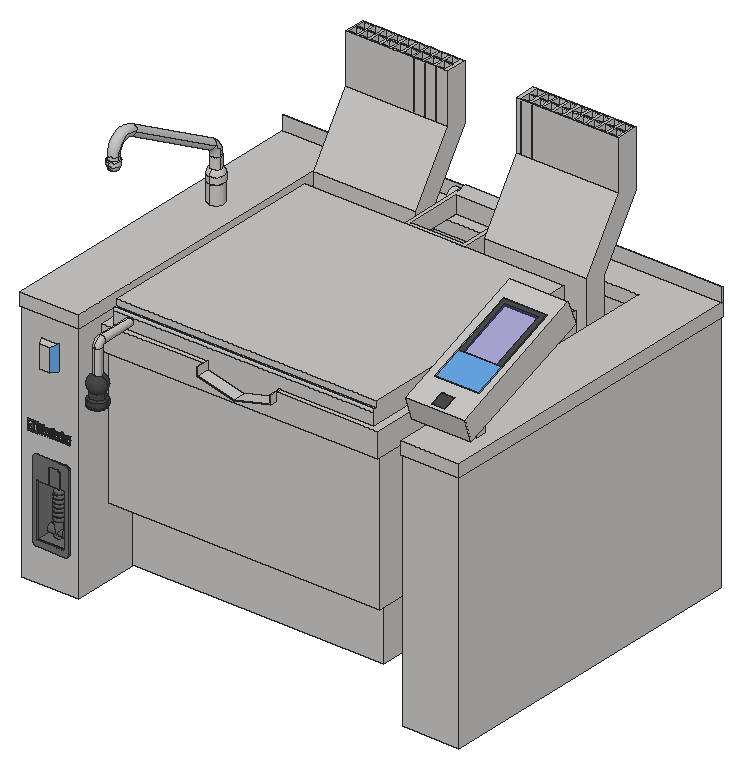
Revit family "QF_ELECTROLUXPROFESSIONAL_586295_PFET09GLCX", category Attrezzature speciali, Revit 2023 (continued)
Automatic sketch dimensions
  plane 3 "LEFT" to Extrusion 18 sketch curve = 135.932 mm
  Extrusion 18 sketch curve to Extrusion 18 sketch curve = 0.317 mm
  Extrusion 18 sketch curve to Extrusion 18 sketch curve = 0.886 mm
  Extrusion 18 sketch curve to Extrusion 18 sketch curve = 2.512 mm
  Extrusion 18 sketch curve to Extrusion 18 sketch curve = 1.815 mm
  Extrusion 18 sketch curve to Extrusion 18 sketch curve = 2.567 mm
  Extrusion 18 sketch curve to Extrusion 18 sketch curve = 0.97 mm  (x3)
  Extrusion 18 sketch curve to Extrusion 18 sketch curve = 0.815 mm  (x2)
  Extrusion 18 sketch curve to Extrusion 18 sketch curve = 1.341 mm
  Extrusion 18 sketch curve to Extrusion 18 sketch curve = 1.348 mm
  Extrusion 18 sketch curve to Extrusion 18 sketch curve = 1.259 mm
  Extrusion 18 sketch curve to Extrusion 18 sketch curve = 2.13 mm
  Extrusion 18 sketch curve to Extrusion 18 sketch curve = 3.849 mm
  Extrusion 18 sketch curve to Extrusion 18 sketch curve = 2.49 mm
  Extrusion 18 sketch curve to Extrusion 18 sketch curve = 1.043 mm
  Extrusion 18 sketch curve to Extrusion 18 sketch curve = 0.46 mm  (x2)
  Extrusion 18 sketch curve to Extrusion 18 sketch curve = 0.435 mm
  Extrusion 18 sketch curve to Extrusion 18 sketch curve = 0.055 mm  (x2)
  Extrusion 18 sketch curve to Extrusion 18 sketch curve = 2.544 mm
  Extrusion 18 sketch curve to Extrusion 18 sketch curve = 0.468 mm
  Extrusion 18 sketch curve to Extrusion 18 sketch curve = 2.528 mm
  Extrusion 18 sketch curve to Extrusion 18 sketch curve = 0.922 mm
  Extrusion 18 sketch curve to Extrusion 18 sketch curve = 0.91 mm
  Extrusion 18 sketch curve to Extrusion 18 sketch curve = 0.388 mm
  Extrusion 18 sketch curve to Extrusion 18 sketch curve = 1.422 mm
  Extrusion 18 sketch curve to Extrusion 18 sketch curve = 1.042 mm
  Extrusion 18 sketch curve to Extrusion 18 sketch curve = 2.371 mm
  Extrusion 18 sketch curve to Extrusion 18 sketch curve = 1.809 mm  (x2)
  Extrusion 18 sketch curve to Extrusion 18 sketch curve = 0.273 mm  (x2)
  Extrusion 18 sketch curve to Extrusion 18 sketch curve = 0.147 mm
  Extrusion 18 sketch curve to Extrusion 18 sketch curve = 5.696 mm
  Extrusion 18 sketch curve to Extrusion 18 sketch curve = 0.943 mm
  Extrusion 18 sketch curve to Extrusion 18 sketch curve = 0.037 mm  (x3)
  Extrusion 18 sketch curve to Extrusion 18 sketch curve = 2.122 mm
  Extrusion 18 sketch curve to Extrusion 18 sketch curve = 2.372 mm
  Extrusion 18 sketch curve to Extrusion 18 sketch curve = 0.944 mm
  Extrusion 18 sketch curve to Extrusion 18 sketch curve = 1.799 mm
  Extrusion 18 sketch curve to Extrusion 18 sketch curve = 2.353 mm
  Extrusion 18 sketch curve to Extrusion 18 sketch curve = 6.509 mm
  Extrusion 18 sketch curve to Extrusion 18 sketch curve = 6.836 mm
  Extrusion 18 sketch curve to Extrusion 18 sketch curve = 2.068 mm
  Extrusion 18 sketch curve to Extrusion 18 sketch curve = 5.751 mm
  Extrusion 18 sketch curve to Extrusion 18 sketch curve = 0.679 mm
  Extrusion 18 sketch curve to Extrusion 18 sketch curve = 0.728 mm
  Extrusion 18 sketch curve to Extrusion 18 sketch curve = 0.178 mm
  Extrusion 18 sketch curve to Extrusion 18 sketch curve = 4.332 mm
  Extrusion 18 sketch curve to Extrusion 18 sketch curve = 0.539 mm  (x2)
  Extrusion 18 sketch curve to Extrusion 18 sketch curve = 0.634 mm  (x2)
  Extrusion 18 sketch curve to Extrusion 18 sketch curve = 0.036 mm  (x2)
  Extrusion 18 sketch curve to Extrusion 18 sketch curve = 0.114 mm  (x2)
  Extrusion 18 sketch curve to Extrusion 18 sketch curve = 0.807 mm  (x2)
  Extrusion 18 sketch curve to Extrusion 18 sketch curve = 0.007 mm  (x2)
  Extrusion 18 sketch curve to Extrusion 18 sketch curve = 0.156 mm  (x2)
  Extrusion 18 sketch curve to Extrusion 18 sketch curve = 0.005 mm  (x2)
  Extrusion 18 sketch curve to Extrusion 18 sketch curve = 0.083 mm  (x2)
  Extrusion 18 sketch curve to Extrusion 18 sketch curve = 0.13 mm  (x3)
  Extrusion 18 sketch curve to Extrusion 18 sketch curve = 0.009 mm  (x2)
  Extrusion 18 sketch curve to Extrusion 18 sketch curve = 0.159 mm  (x2)
  Extrusion 18 sketch curve to Extrusion 18 sketch curve = 0.075 mm  (x2)
  Extrusion 18 sketch curve to Extrusion 18 sketch curve = 0.025 mm  (x2)
  Extrusion 18 sketch curve to Extrusion 18 sketch curve = 2.918 mm
  Extrusion 18 sketch curve to Extrusion 18 sketch curve = 2.789 mm
  Extrusion 18 sketch curve to Extrusion 18 sketch curve = 0.908 mm  (x2)
  Extrusion 18 sketch curve to Extrusion 18 sketch curve = 0.826 mm  (x2)
  Extrusion 18 sketch curve to Extrusion 18 sketch curve = 0.126 mm  (x2)
  Extrusion 18 sketch curve to Extrusion 18 sketch curve = 2.333 mm
  Extrusion 18 sketch curve to Extrusion 18 sketch curve = 1.257 mm  (x2)
  Extrusion 18 sketch curve to Extrusion 18 sketch curve = 2.771 mm
  Extrusion 18 sketch curve to Extrusion 18 sketch curve = 1.497 mm
  Extrusion 18 sketch curve to Extrusion 18 sketch curve = 1.979 mm
  Extrusion 18 sketch curve to Extrusion 18 sketch curve = 1.653 mm
  Extrusion 18 sketch curve to Extrusion 18 sketch curve = 0.085 mm
  Extrusion 18 sketch curve to Extrusion 18 sketch curve = 0.315 mm
  Extrusion 18 sketch curve to Extrusion 18 sketch curve = 3.811 mm
  Extrusion 18 sketch curve to Extrusion 18 sketch curve = 2.136 mm  (x2)
  Extrusion 18 sketch curve to Extrusion 18 sketch curve = 2.352 mm  (x2)
  Extrusion 18 sketch curve to Extrusion 18 sketch curve = 3.797 mm
  Extrusion 18 sketch curve to Extrusion 18 sketch curve = 1.528 mm
  Extrusion 18 sketch curve to Extrusion 18 sketch curve = 1.476 mm  (x2)
  Extrusion 18 sketch curve to Extrusion 18 sketch curve = 1.469 mm  (x2)
  Extrusion 18 sketch curve to Extrusion 18 sketch curve = 3.728 mm
  Extrusion 18 sketch curve to Extrusion 18 sketch curve = 0.046 mm
  Extrusion 18 sketch curve to Extrusion 18 sketch curve = 0.177 mm
  Extrusion 18 sketch curve to Extrusion 18 sketch curve = 0.947 mm
  Extrusion 18 sketch curve to Extrusion 18 sketch curve = 0.308 mm
  Extrusion 18 sketch curve to Extrusion 18 sketch curve = 0.091 mm
  Extrusion 18 sketch curve to Extrusion 18 sketch curve = 2.375 mm
  Extrusion 18 sketch curve to Extrusion 18 sketch curve = 0.94 mm
  Extrusion 18 sketch curve to Extrusion 18 sketch curve = 0.54 mm
  Extrusion 18 sketch curve to Extrusion 18 sketch curve = 0.102 mm
  Extrusion 18 sketch curve to Extrusion 18 sketch curve = 0.002 mm  (x4)
  Extrusion 18 sketch curve to Extrusion 18 sketch curve = 0.105 mm
  Extrusion 18 sketch curve to Extrusion 18 sketch curve = 0.097 mm
  Extrusion 18 sketch curve to Extrusion 18 sketch curve = 3.982 mm
  Extrusion 18 sketch curve to Extrusion 18 sketch curve = 0.17 mm
  Extrusion 18 sketch curve to Extrusion 18 sketch curve = 6.49 mm
  Extrusion 18 sketch curve to Extrusion 18 sketch curve = 1.777 mm
  Extrusion 18 sketch curve to Extrusion 18 sketch curve = 0.63 mm
  Extrusion 18 sketch curve to Extrusion 18 sketch curve = 1.001 mm
  Extrusion 18 sketch curve to Extrusion 18 sketch curve = 1.393 mm  (x2)
  Extrusion 18 sketch curve to Extrusion 18 sketch curve = 2.363 mm
  Extrusion 18 sketch curve to Extrusion 18 sketch curve = 2.253 mm
  Extrusion 18 sketch curve to Extrusion 18 sketch curve = 0.014 mm  (x3)
  Extrusion 18 sketch curve to Extrusion 18 sketch curve = 0.172 mm
  Extrusion 18 sketch curve to Extrusion 18 sketch curve = 0.096 mm
  Extrusion 18 sketch curve to Extrusion 18 sketch curve = 0.164 mm
  Extrusion 18 sketch curve to Extrusion 18 sketch curve = 0.298 mm
  Extrusion 18 sketch curve to Extrusion 18 sketch curve = 0.247 mm
  Extrusion 18 sketch curve to Extrusion 18 sketch curve = 0.084 mm
  Extrusion 18 sketch curve to Extrusion 18 sketch curve = 6.484 mm
  Extrusion 18 sketch curve to Extrusion 18 sketch curve = 2.596 mm
  Extrusion 18 sketch curve to Extrusion 18 sketch curve = 0.059 mm  (x2)
  Extrusion 18 sketch curve to Extrusion 18 sketch curve = 3.889 mm
  Extrusion 18 sketch curve to Extrusion 18 sketch curve = 6.029 mm
  Extrusion 18 sketch curve to Extrusion 18 sketch curve = 0.929 mm
  Extrusion 18 sketch curve to Extrusion 18 sketch curve = 1.102 mm
  Extrusion 18 sketch curve to Extrusion 18 sketch curve = 0.756 mm  (x2)
  Extrusion 18 sketch curve to Extrusion 18 sketch curve = 0.852 mm
  Extrusion 18 sketch curve to Extrusion 18 sketch curve = 0.108 mm
  Extrusion 18 sketch curve to Extrusion 18 sketch curve = 0.101 mm
  Extrusion 18 sketch curve to Extrusion 18 sketch curve = 0.072 mm
  Extrusion 18 sketch curve to Extrusion 18 sketch curve = 1.67 mm
  Extrusion 18 sketch curve to Extrusion 18 sketch curve = 1.834 mm
  Extrusion 18 sketch curve to Extrusion 18 sketch curve = 0.366 mm
  Extrusion 18 sketch curve to Extrusion 18 sketch curve = 0.993 mm
  Extrusion 18 sketch curve to Extrusion 18 sketch curve = 0.81 mm
  Extrusion 18 sketch curve to Extrusion 18 sketch curve = 1.026 mm  (x2)
  Extrusion 18 sketch curve to Extrusion 18 sketch curve = 4.272 mm
  Extrusion 18 sketch curve to Extrusion 18 sketch curve = 0.163 mm
  Extrusion 18 sketch curve to Extrusion 18 sketch curve = 0.551 mm
  Extrusion 18 sketch curve to Extrusion 18 sketch curve = 6.11 mm
  Extrusion 18 sketch curve to Extrusion 18 sketch curve = 1.451 mm
  Extrusion 18 sketch curve to Extrusion 18 sketch curve = 5.217 mm
  Extrusion 18 sketch curve to Extrusion 18 sketch curve = 0.045 mm  (x2)
  Extrusion 18 sketch curve to Extrusion 18 sketch curve = 0.241 mm
  Extrusion 18 sketch curve to Extrusion 18 sketch curve = 0.039 mm
  Extrusion 18 sketch curve to Extrusion 18 sketch curve = 1.134 mm
  Extrusion 18 sketch curve to Extrusion 18 sketch curve = 2.351 mm
  Extrusion 18 sketch curve to Extrusion 18 sketch curve = 3.993 mm
  Extrusion 18 sketch curve to Extrusion 18 sketch curve = 10.128 mm
  Extrusion 18 sketch curve to Extrusion 18 sketch curve = 0.956 mm
  Extrusion 18 sketch curve to Extrusion 18 sketch curve = 1.263 mm
  Extrusion 18 sketch curve to Extrusion 18 sketch curve = 2.577 mm
  Extrusion 18 sketch curve to Extrusion 18 sketch curve = 0.243 mm
  Extrusion 18 sketch curve to Extrusion 18 sketch curve = 0.031 mm
  Extrusion 18 sketch curve to Extrusion 18 sketch curve = 7.148 mm
  Extrusion 18 sketch curve to Extrusion 18 sketch curve = 1.502 mm
  Extrusion 18 sketch curve to Extrusion 18 sketch curve = 11.54 mm
  Extrusion 18 sketch curve to Extrusion 18 sketch curve = 11.758 mm
  Extrusion 18 sketch curve to Extrusion 18 sketch curve = 4.097 mm
  Extrusion 18 sketch curve to Extrusion 18 sketch curve = 0.011 mm
  Extrusion 18 sketch curve to Extrusion 18 sketch curve = 4.488 mm
  Extrusion 18 sketch curve to plane 6 "TOP" = 305.278 mm
  Extrusion 18 sketch curve to Extrusion 18 sketch curve = 1.276 mm
  Extrusion 18 sketch curve to Extrusion 18 sketch curve = 1.279 mm
  Extrusion 18 sketch curve to Extrusion 18 sketch curve = 0.08 mm
  Extrusion 18 sketch curve to Extrusion 18 sketch curve = 1.542 mm  (x3)
  Extrusion 18 sketch curve to Extrusion 18 sketch curve = 1.975 mm
  Extrusion 18 sketch curve to Extrusion 18 sketch curve = 2.212 mm
  Extrusion 18 sketch curve to Extrusion 18 sketch curve = 3.655 mm
  Extrusion 18 sketch curve to Extrusion 18 sketch curve = 3.779 mm
  Extrusion 18 sketch curve to Extrusion 18 sketch curve = 0.124 mm  (x2)
  Extrusion 18 sketch curve to Extrusion 18 sketch curve = 3.78 mm  (x2)
  Extrusion 18 sketch curve to Extrusion 18 sketch curve = 1.401 mm
  Extrusion 18 sketch curve to Extrusion 18 sketch curve = 1.424 mm
  Extrusion 18 sketch curve to Extrusion 18 sketch curve = 3.23 mm
  Extrusion 18 sketch curve to Extrusion 18 sketch curve = 2.137 mm
  Extrusion 18 sketch curve to Extrusion 18 sketch curve = 1.094 mm
  Extrusion 18 sketch curve to Extrusion 18 sketch curve = 2.932 mm
  Extrusion 18 sketch curve to Extrusion 18 sketch curve = 7.641 mm
  Extrusion 18 sketch curve to Extrusion 18 sketch curve = 2.218 mm
  Extrusion 18 sketch curve to Extrusion 18 sketch curve = 0.113 mm
  Extrusion 18 sketch curve to Extrusion 18 sketch curve = 0.36 mm
  Extrusion 18 sketch curve to Extrusion 18 sketch curve = 0.008 mm
  Extrusion 18 sketch curve to Extrusion 18 sketch curve = 1.652 mm
  Extrusion 18 sketch curve to Extrusion 18 sketch curve = 0.256 mm
  Extrusion 18 sketch curve to Extrusion 18 sketch curve = 1.705 mm
  Extrusion 18 sketch curve to Extrusion 18 sketch curve = 1.454 mm
  Extrusion 18 sketch curve to Extrusion 18 sketch curve = 0.095 mm
  Extrusion 18 sketch curve to Extrusion 18 sketch curve = 0.109 mm
  Extrusion 18 sketch curve to Extrusion 18 sketch curve = 1.893 mm
  Extrusion 18 sketch curve to Extrusion 18 sketch curve = 0.003 mm
  Extrusion 18 sketch curve to Extrusion 18 sketch curve = 2.803 mm
  Extrusion 18 sketch curve to Extrusion 18 sketch curve = 0.12 mm  (x3)
  Extrusion 18 sketch curve to Extrusion 18 sketch curve = 0.02 mm
  Extrusion 18 sketch curve to Extrusion 18 sketch curve = 0.188 mm
  Extrusion 18 sketch curve to Extrusion 18 sketch curve = 0.568 mm
  Extrusion 18 sketch curve to Extrusion 18 sketch curve = 0.707 mm
  Extrusion 18 sketch curve to Extrusion 18 sketch curve = 1.654 mm
  Extrusion 18 sketch curve to Extrusion 18 sketch curve = 3.379 mm
  Extrusion 18 sketch curve to Extrusion 18 sketch curve = 0.174 mm
  Extrusion 18 sketch curve to Extrusion 18 sketch curve = 0.146 mm  (x2)
  Extrusion 18 sketch curve to Extrusion 18 sketch curve = 5.763 mm
  Extrusion 18 sketch curve to Extrusion 18 sketch curve = 1.953 mm
  Extrusion 18 sketch curve to Extrusion 18 sketch curve = 0.099 mm
  Extrusion 18 sketch curve to Extrusion 18 sketch curve = 0.19 mm
  Extrusion 18 sketch curve to Extrusion 18 sketch curve = 0.196 mm
  Extrusion 18 sketch curve to Extrusion 18 sketch curve = 0.05 mm
  Extrusion 18 sketch curve to Extrusion 18 sketch curve = 0.239 mm
  Extrusion 18 sketch curve to Extrusion 18 sketch curve = 1.763 mm
  Extrusion 18 sketch curve to Extrusion 18 sketch curve = 1.754 mm
  Extrusion 18 sketch curve to Extrusion 18 sketch curve = 1.442 mm
  Extrusion 18 sketch curve to Extrusion 18 sketch curve = 0.282 mm
  Extrusion 18 sketch curve to Extrusion 18 sketch curve = 1.607 mm
  Extrusion 18 sketch curve to Extrusion 18 sketch curve = 2.197 mm
  Extrusion 18 sketch curve to Extrusion 18 sketch curve = 3.917 mm
  Extrusion 18 sketch curve to Extrusion 18 sketch curve = 3.479 mm
  Extrusion 18 sketch curve to Extrusion 18 sketch curve = 4.017 mm
  Extrusion 18 sketch curve to Extrusion 18 sketch curve = 0.006 mm
  Extrusion 18 sketch curve to Extrusion 18 sketch curve = 5.661 mm  (x3)
  Extrusion 18 sketch curve to Extrusion 18 sketch curve = 5.657 mm  (x2)
  Extrusion 18 sketch curve to Extrusion 18 sketch curve = 7.186 mm
  Extrusion 18 sketch curve to Extrusion 18 sketch curve = 0.598 mm
  Extrusion 18 sketch curve to Extrusion 18 sketch curve = 6.253 mm
  Extrusion 18 sketch curve to Extrusion 18 sketch curve = 0.891 mm
  Extrusion 18 sketch curve to Extrusion 18 sketch curve = 0.954 mm  (x2)
  Extrusion 18 sketch curve to Extrusion 18 sketch curve = 1.017 mm
  Extrusion 18 sketch curve to Extrusion 18 sketch curve = 0.624 mm  (x2)
  Extrusion 18 sketch curve to Extrusion 18 sketch curve = 0.016 mm  (x2)
  Extrusion 18 sketch curve to Extrusion 18 sketch curve = 0.709 mm  (x2)
  Extrusion 18 sketch curve to Extrusion 18 sketch curve = 0.602 mm
  Extrusion 18 sketch curve to Extrusion 18 sketch curve = 0.607 mm
  Extrusion 18 sketch curve to Extrusion 18 sketch curve = 0.372 mm  (x2)
  Extrusion 18 sketch curve to Extrusion 18 sketch curve = 1.696 mm
  Extrusion 18 sketch curve to Extrusion 18 sketch curve = 1.752 mm
  Extrusion 18 sketch curve to Extrusion 18 sketch curve = 0.182 mm  (x2)
  Extrusion 18 sketch curve to Extrusion 18 sketch curve = 0.93 mm
  Extrusion 18 sketch curve to Extrusion 18 sketch curve = 0.155 mm  (x2)
  Extrusion 18 sketch curve to Extrusion 18 sketch curve = 0.996 mm
  Extrusion 18 sketch curve to Extrusion 18 sketch curve = 0.297 mm  (x2)
  Extrusion 18 sketch curve to Extrusion 18 sketch curve = 2.359 mm
  Extrusion 18 sketch curve to Extrusion 18 sketch curve = 0.839 mm
  Extrusion 18 sketch curve to Extrusion 18 sketch curve = 0.892 mm  (x2)
  Extrusion 18 sketch curve to Extrusion 18 sketch curve = 0.563 mm
  Extrusion 18 sketch curve to Extrusion 18 sketch curve = 1.037 mm
  Extrusion 18 sketch curve to Extrusion 18 sketch curve = 0.531 mm  (x2)
  Extrusion 18 sketch curve to Extrusion 18 sketch curve = 0.068 mm  (x2)
  Extrusion 18 sketch curve to Extrusion 18 sketch curve = 0.203 mm
  Extrusion 18 sketch curve to Extrusion 18 sketch curve = 0.107 mm  (x2)
  Extrusion 18 sketch curve to Extrusion 18 sketch curve = 1.305 mm
  Extrusion 18 sketch curve to Extrusion 18 sketch curve = 1.058 mm
  Extrusion 18 sketch curve to Extrusion 18 sketch curve = 0.365 mm
  Extrusion 18 sketch curve to Extrusion 18 sketch curve = 0.15 mm  (x2)
  Extrusion 18 sketch curve to Extrusion 18 sketch curve = 0.475 mm
  Extrusion 18 sketch curve to Extrusion 18 sketch curve = 0.292 mm
  Extrusion 18 sketch curve to Extrusion 18 sketch curve = 0.434 mm  (x2)
  Extrusion 18 sketch curve to Extrusion 18 sketch curve = 0.385 mm  (x2)
  Extrusion 18 sketch curve to Extrusion 18 sketch curve = 2.117 mm
  Extrusion 18 sketch curve to Extrusion 18 sketch curve = 0.295 mm  (x2)
  Extrusion 18 sketch curve to Extrusion 18 sketch curve = 0.968 mm
  Extrusion 18 sketch curve to Extrusion 18 sketch curve = 3.826 mm
  Extrusion 18 sketch curve to Extrusion 18 sketch curve = 1.018 mm  (x2)
  Extrusion 18 sketch curve to Extrusion 18 sketch curve = 4.718 mm
  Extrusion 18 sketch curve to Extrusion 18 sketch curve = 2.967 mm
  Extrusion 18 sketch curve to Extrusion 18 sketch curve = 1.662 mm
  Extrusion 18 sketch curve to Extrusion 18 sketch curve = 1.626 mm  (x3)
  Extrusion 18 sketch curve to Extrusion 18 sketch curve = 1.65 mm
  Extrusion 18 sketch curve to Extrusion 18 sketch curve = 1.192 mm
  Extrusion 18 sketch curve to Extrusion 18 sketch curve = 2.57 mm  (x2)
  Extrusion 18 sketch curve to Extrusion 18 sketch curve = 3.444 mm  (x2)
  Extrusion 18 sketch curve to Extrusion 18 sketch curve = 1.343 mm  (x2)
  Extrusion 18 sketch curve to Extrusion 18 sketch curve = 1.353 mm  (x2)
  Extrusion 18 sketch curve to Extrusion 18 sketch curve = 0.027 mm  (x2)
  Extrusion 18 sketch curve to Extrusion 18 sketch curve = 0.395 mm  (x2)
  Extrusion 18 sketch curve to Extrusion 18 sketch curve = 0.329 mm  (x2)
  Extrusion 18 sketch curve to Extrusion 18 sketch curve = 0.425 mm  (x2)
  Extrusion 18 sketch curve to Extrusion 18 sketch curve = 0.051 mm  (x2)
  Extrusion 18 sketch curve to Extrusion 18 sketch curve = 0.495 mm  (x2)
  Extrusion 18 sketch curve to Extrusion 18 sketch curve = 0.267 mm  (x2)
  Extrusion 18 sketch curve to Extrusion 18 sketch curve = 1.40 mm
  Extrusion 18 sketch curve to Extrusion 18 sketch curve = 5.233 mm
  Extrusion 18 sketch curve to Extrusion 18 sketch curve = 2.062 mm
  plane 3 "LEFT" to Extrusion 19 sketch curve = 43.40 mm
  Extrusion 19 sketch curve to Extrusion 19 sketch curve = 82.00 mm
  plane 7 to Extrusion 19 sketch curve = 105.944 mm
  Extrusion 19 sketch curve to Extrusion 19 sketch curve = 195.00 mm
  Extrusion 20 sketch curve to plane 6 "TOP" = 0.00 mm
  Extrusion 20 sketch curve to plane 1 "BACK" = 0.00 mm
  Extrusion 20 sketch curve to Extrusion 20 sketch curve = 2.00 mm
  plane 6 "TOP" to Extrusion 20 sketch curve = 37.998 mm
  plane 6 "TOP" to Sweep 21 sketch curve = 8.00 mm
  plane 12 to Sweep 21 sketch curve = 24.119 mm
  Sweep 21 sketch curve to plane 6 "TOP" = 62.00 mm
  Sweep 21 sketch curve to profile plane = 0.00 mm  (x2)
  Revolve 22 sketch curve to plane 6 "TOP" = 62.00 mm
  plane 3 "LEFT" to Revolve 22 sketch curve = 287.976 mm
  Revolve 22 sketch curve to Revolve 22 sketch curve = 0.00 mm
  Revolve 22 sketch curve to Revolve 22 sketch curve = 10.00 mm  (x2)
  Revolve 22 sketch curve to plane 6 "TOP" = 99.486 mm
  Revolve 22 sketch curve to Revolve 22 sketch curve = 17.867 mm
  Revolve 22 sketch curve to plane 6 "TOP" = 113.432 mm
  Revolve 22 sketch curve to Revolve 22 sketch curve = 1.22 mm
  Revolve 22 sketch curve to Revolve 22 sketch curve = 0.913 mm
  Revolve 22 sketch curve to Revolve 22 sketch curve = 5.00 mm
  Revolve 22 sketch curve to Revolve 22 sketch curve = 5.913 mm
  Revolve 22 sketch curve to Revolve 22 sketch curve = 12.655 mm
  Revolve 22 sketch curve to Revolve 22 sketch curve = 20.00 mm
  Revolve 22 sketch curve to Revolve 22 sketch curve = 0.914 mm
  Revolve 22 sketch curve to Revolve 22 sketch curve = 18.672 mm
  Extrusion 23 sketch curve to plane 6 "TOP" = 0.00 mm  (x2)
  Extrusion 23 sketch curve to plane 8 "Center" = 0.00 mm  (x2)
  Extrusion 23 sketch curve to plane 8 "Center" = 98.00 mm
  Extrusion 23 sketch curve to Extrusion 23 sketch curve = 2.00 mm  (x2)
  Extrusion 23 sketch curve to plane 6 "TOP" = 21.703 mm  (x2)
  plane 8 "Center" to Extrusion 23 sketch curve = 98.00 mm
  Extrusion 23 sketch curve to Extrusion 23 sketch curve = 1.553 mm  (x2)
  Extrusion 23 sketch curve to plane 6 "TOP" = 46.733 mm
  Extrusion 23 sketch curve to Extrusion 23 sketch curve = 2.064 mm
  Extrusion 24 sketch curve to plane 6 "TOP" = 0.00 mm
  Extrusion 24 sketch curve to plane 8 "Center" = 0.00 mm
  Extrusion 24 sketch curve to plane 8 "Center" = 96.00 mm
  plane 8 "Center" to Extrusion 24 sketch curve = 96.00 mm
  Extrusion 24 sketch curve to plane 6 "TOP" = 20.15 mm  (x2)
  Extrusion 24 sketch curve to plane 6 "TOP" = 44.669 mm
  Extrusion 25 sketch curve to plane 14 = 0.00 mm
  plane 1 "BACK" to Extrusion 25 sketch curve = 225.00 mm
  Extrusion 25 sketch curve to Extrusion 25 sketch curve = 45.00 mm
  Extrusion 25 sketch curve to Extrusion 25 sketch curve = 58.00 mm  (x2)
  plane 1 "BACK" to Extrusion 25 sketch curve = 70.644 mm
  plane 1 "BACK" to Extrusion 25 sketch curve = 12.644 mm
  Extrusion 25 sketch curve to Extrusion 25 sketch curve = 135.873 mm
  Extrusion 25 sketch curve to Extrusion 25 sketch curve = 17.732 mm
  plane 6 "TOP" to Extrusion 25 sketch curve = 56.00 mm
  plane 6 "TOP" to Extrusion 25 sketch curve = 38.268 mm
  Extrusion 25 sketch curve to plane 6 "TOP" = 302.00 mm
  Extrusion 26 sketch curve to plane 6 "TOP" = 0.00 mm
  plane 1 "BACK" to Extrusion 26 sketch curve = 70.00 mm
  Extrusion 26 sketch curve to Extrusion 26 sketch curve = 23.973 mm
  Extrusion 26 sketch curve to Extrusion 26 sketch curve = 32.00 mm
  plane 1 "BACK" to Extrusion 28 sketch curve = 43.144 mm
  Extrusion 28 sketch curve to plane 4 "RIGHT" = 232.00 mm
  Extrusion 28 sketch curve to Extrusion 28 sketch curve = 0.00 mm  (x37)
  Extrusion 28 sketch curve to Extrusion 28 sketch curve = 24.00 mm  (x9)
  Extrusion 28 sketch curve to Extrusion 28 sketch curve = 6.00 mm  (x8)
  plane 1 "BACK" to Extrusion 28 sketch curve = 40.144 mm  (x2)
  Extrusion 28 sketch curve to Extrusion 28 sketch curve = 3.00 mm  (x9)
  plane 1 "BACK" to Extrusion 28 sketch curve = 15.144 mm  (x4)
  Extrusion 28 sketch curve to Extrusion 28 sketch curve = 25.00 mm
  plane 7 to Extrusion 14 sketch curve = 120.00 mm
  Extrusion 14 sketch curve to plane 4 "RIGHT" = 78.796 mm
  plane 3 "LEFT" to Extrusion 13 sketch curve = 46.204 mm
  Extrusion 13 sketch curve to Extrusion 13 sketch curve = 29.908 mm
  Extrusion 13 sketch curve to Extrusion 13 sketch curve = 30.092 mm
  radius of curve 20 = 25.00 mm
  radius of Extrusion 13 sketch curve = 6.35 mm  (x2)
  radius of Extrusion 13 sketch curve = 12.70 mm
  radius of Extrusion 14 sketch curve = 6.35 mm
  radius of Extrusion 18 sketch curve = 2.453 mm
  radius of Extrusion 18 sketch curve = 1.557 mm
  radius of Extrusion 18 sketch curve = 1.468 mm
  radius of Extrusion 18 sketch curve = 2.451 mm
  radius of Sweep 21 sketch curve = 10.00 mm
Nested families
  nested 1: "QF_ELECTROLUXPROFESSIONAL_RubSprint" at (80, -330.346, 900), type "QF_ELECTROLUXPROFESSIONAL_RubSprint"
  nested 2: "QF_ELECTROLUXPROFESSIONAL_SprayGun" at (80.4, -837, 291.944), type "QF_ELECTROLUXPROFESSIONAL_SprayGun"
  nested 3: "QF_ELECTROLUXPROFESSIONAL_PFET_DISPLAY" at (1177.739, -679.876, 900) x (-1, 0, 0) z (0, 0, 1), type "QF_ELECTROLUXPROFESSIONAL_PFET_DISPLAY"
Connectors
  electrical at (1121.204, 5, 320), driven by "Volts"
    settings: on Extrusion 14, index 1, voltage 230 V, apparent load 200 VA, apparent load phase1 0 VA, apparent load phase2 0 VA, apparent load phase3 0 VA, power factor 1, load classification "Other", number of poles 1, system type 30, power factor state 1, is connector primary yes, connector utility no, sub classification motor no, connector description "Electrical Connection"
  piping at (106.204, 5, 395), diameter 12.7
    settings: on Extrusion 13, index 2, connector inside diameter 1/2", connector length 0.00 mm, flow factor 0, pipe flow 0 GPM, pressure drop 0.00 psi, fitting loss kfactor 0, connector angle 0.00°, fixture units 0, engagement length 0.00 mm, angle of deflection 0.00°, flow configuration 1, flow direction 1, fitting loss method 0, system type 20, joint type 0, gender type 0, connector reference index -1, connector utility 0, adjustable connector no, is connector primary yes, connector description "Cold Water Inlet"
  piping at (46.204, 5, 395), diameter 12.7
    settings: on Extrusion 13, index 3, connector inside diameter 1/2", connector length 0.00 mm, flow factor 0, pipe flow 0 GPM, pressure drop 0.00 psi, fitting loss kfactor 0, connector angle 0.00°, fixture units 0, engagement length 0.00 mm, angle of deflection 0.00°, flow configuration 1, flow direction 1, fitting loss method 0, system type 19, joint type 0, gender type 0, connector reference index -1, connector utility 0, adjustable connector no, is connector primary no, connector description "Hot Water Inlet"
  piping at (76.112, 5, 345), diameter 25.4
    settings: on Extrusion 13, index 4, connector inside diameter 1", connector length 0.00 mm, flow factor 0, pipe flow 0 GPM, pressure drop 0.00 psi, fitting loss kfactor 0, connector angle 0.00°, fixture units 0, engagement length 0.00 mm, angle of deflection 0.00°, flow configuration 1, flow direction 1, fitting loss method 0, system type 7, joint type 0, gender type 0, connector reference index -1, connector utility 0, adjustable connector no, is connector primary no, connector description "Gas Connection"
Definition of nested family "QF_ELECTROLUXPROFESSIONAL_RubSprint"
  Parameters
    Default Elevation = 0.00 mm
  Reference planes
    plane 1 "Center (Front/Back)": y = 0
    plane 2: z = 0
    plane 3 "Center (Left/Right)": x = 0
  Forms (mm)
    Revolve 1, solid
      sketch origin (0, 0, 0) x (0, 1, 0) y (0, 0, 1)
        loop
          line (-21, 0) -> (0, 0) -> (0, 82.75) -> (-14.385, 82.75)
          arc (-14.385, 82.75) -> (-19.409, 76.68) -> (-22.385, 69.383) r 26
          line (-22.385, 69.383) -> (-22.385, 51.306) -> (-21, 50.388) -> (-21, 0)
        axis (0, 82.75) -> (0, 0)
      angle from 0 to 360
    Sweep 2, solid
      path origin (0, 0, 0) x (0, 1, 0) y (0, 0, 1)
        loop
          line (0, 82.75) -> (0, 113.75)
          arc (0, 113.75) -> (-5.44, 133.889) -> (-20.279, 148.551) r 40
          line (-20.279, 148.551) -> (-290.279, 301.55)
          arc (-290.279, 301.55) -> (-330.139, 301.31) -> (-349.999, 266.749) r 40
          line (-349.999, 266.749) -> (-349.999, 257.884)
      profile origin (0, 0, 98.25) x (0, -1, 0) y (1, 0, 0)
        loop
          circle (0, 0) r 13.5
    Revolve 3, solid
      sketch origin (0, 0, 0) x (0, 1, 0) y (0, 0, 1)
        loop
          line (-333.717, 244.264) -> (-333.717, 254.236)
          arc (-333.717, 254.236) -> (-334.434, 255.758) -> (-335.779, 256.77) r 3.5
          line (-335.779, 256.77) -> (-336.499, 257.884) -> (-349.999, 257.884) -> (-349.999, 233.05) -> (-339.2, 233.05)
          arc (-339.2, 233.05) -> (-338.052, 233.411) -> (-337.32, 234.365) r 2
          line (-337.32, 234.365) -> (-333.717, 244.264)
        axis (-349.999, 257.884) -> (-349.999, 233.05)
      angle from 0 to 360
  Lines and regions (mm)
    symbolic lines
      curve 1: arc (-13.5, -17.856, 0) -> (0, 22.385, 0) -> (13.5, -17.856, 0) r 22.385
      curve 2: arc (-13.5, 0, 0) -> (0, 13.5, 0) -> (13.5, 0, 0) r 13.5
      curve 3: arc (-13.5, -349.999, 0) -> (0, -363.499, 0) -> (13.5, -349.999, 0) r 13.5
      curve 4: arc (-13.5, -340.897, 0) -> (0, -366.281, 0) -> (13.5, -340.897, 0) r 16.282
      curve 5: line (13.5, -349.999, 0) -> (13.5, 0, 0)
      curve 6: line (-13.5, -349.999, 0) -> (-13.5, 0, 0)
  Dimensions and locks
    aligned and locked: level to plane 2
Definition of nested family "QF_ELECTROLUXPROFESSIONAL_SprayGun"
  Parameters
    Default Elevation = 0.00 mm
  Reference planes
    plane 1 "Center (Front/Back)": y = 0
    plane 2: z = 0
    plane 3 "SGy": x = 13
    plane 4 "AxeZ": y = -45
    plane 5 "Center (Left/Right)": x = 4
    plane 6 "Center (Top/Right)": z = 112.5
  Forms (mm)
    Revolve 1, solid
      sketch origin (0, -45, 0) x (0, 0, 1) y (-1, 0, 0)
        loop
          line (73.98, -1.423) -> (33.98, -1.423) -> (33.98, -13) -> (151.7, -13) -> (151.7, -4.362)
          arc (151.7, -4.362) -> (147.093, -1.396) -> (141.64, -1.926) r 8.345
          arc (141.64, -1.926) -> (140.226, -2.024) -> (139.103, -1.16) r 2
          arc (139.103, -1.16) -> (138.832, -0.814) -> (138.493, -0.536) r 2
          arc (138.493, -0.536) -> (134.77, 0.557) -> (131.061, -0.581) r 6.745
          arc (131.061, -0.581) -> (129.812, -0.914) -> (128.62, -0.414) r 2
          arc (128.62, -0.414) -> (124.347, 1.338) -> (119.917, 0.035) r 6.972
          arc (119.917, 0.035) -> (118.79, -0.341) -> (117.648, -0.011) r 2
          arc (117.648, -0.011) -> (113.81, 1.188) -> (109.921, 0.166) r 7.275
          arc (109.921, 0.166) -> (108.725, -0.109) -> (107.594, 0.367) r 2
          arc (107.594, 0.367) -> (103.55, 1.928) -> (99.427, 0.587) r 6.475
          arc (99.427, 0.587) -> (98.262, 0.173) -> (97.076, 0.524) r 2
          arc (97.076, 0.524) -> (92.711, 1.941) -> (88.277, 0.758) r 8.094
          arc (88.277, 0.758) -> (87.212, 0.464) -> (86.153, 0.781) r 2
          arc (86.153, 0.781) -> (79.633, 2.075) -> (73.98, -1.423) r 9.075
        axis (151.7, -13) -> (33.98, -13)
      angle from 0 to 360
    Revolve 2, solid
      sketch origin (0, -45, 0) x (0, 0, 1) y (-1, 0, 0)
        loop
          line (47.58, 11.558) -> (40.98, 11.558) -> (40.98, 9.577) -> (35.98, 9.577) -> (35.98, -30.423) -> (40.98, -30.423) -> (40.98, -35.423) -> (47.58, -35.423) -> (47.58, 11.558)
        axis (47.58, 11.558) -> (47.58, -35.423)
      angle from 0 to 360
    Extrusion 3, solid
      sketch origin (0, -45, 0) x (1, 0, 0) y (0, 1, 0)
        loop
          line (21.638, 0) -> (17.319, 7.481) -> (8.681, 7.481) -> (4.362, 0) -> (8.681, -7.481) -> (17.319, -7.481) -> (21.638, 0)
      from 151.7 to 160.974
    Extrusion 4, solid
      sketch origin (0, 0, 0) x (1, 0, 0) y (0, 0, 1)
        loop
          arc (-45, 10) -> (-42.071, 2.929) -> (-35, 0) r 10
          line (-35, 0) -> (43, 0)
          arc (43, 0) -> (50.071, 2.929) -> (53, 10) r 10
          line (53, 10) -> (53, 215)
          arc (53, 215) -> (50.071, 222.071) -> (43, 225) r 10
          line (43, 225) -> (-35, 225)
          arc (-35, 225) -> (-42.071, 222.071) -> (-45, 215) r 10
          line (-45, 215) -> (-45, 10)
        loop
          line (-35, 162) -> (-35, 16) -> (43, 16) -> (43, 162) -> (29, 162) -> (29, 199)
          arc (29, 199) -> (26.657, 204.657) -> (21, 207) r 8
          line (21, 207) -> (5, 207)
          arc (5, 207) -> (-0.657, 204.657) -> (-3, 199) r 8
          line (-3, 199) -> (-3, 162) -> (-35, 162)
      from 63 to 60
    Extrusion 5, solid
      sketch origin (0, 0, 0) x (1, 0, 0) y (0, 0, 1)
        loop
          line (-35, 16) -> (43, 16) -> (43, 162) -> (29, 162) -> (29, 199)
          arc (29, 199) -> (26.657, 204.657) -> (21, 207) r 8
          line (21, 207) -> (5, 207)
          arc (5, 207) -> (-0.657, 204.657) -> (-3, 199) r 8
          line (-3, 199) -> (-3, 162) -> (-35, 162) -> (-35, 16)
        loop
          line (31, 164) -> (31, 199)
          arc (31, 199) -> (28.071, 206.071) -> (21, 209) r 10
          line (21, 209) -> (5, 209)
          arc (5, 209) -> (-2.071, 206.071) -> (-5, 199) r 10
          line (-5, 199) -> (-5, 164) -> (-37, 164) -> (-37, 14) -> (45, 14) -> (45, 164) -> (31, 164)
      from 0 to 60
    Extrusion 6, solid
      sketch origin (0, 0, 0) x (1, 0, 0) y (0, 0, 1)
        loop
          line (-37, 164) -> (-37, 14) -> (45, 14) -> (45, 164) -> (-37, 164)
      from 6 to 0
    Extrusion 7, solid
      sketch origin (0, 0, 0) x (1, 0, 0) y (0, 0, 1)
        loop
          line (28, 160.974) -> (28, 198)
          arc (28, 198) -> (25.657, 203.657) -> (20, 206) r 8
          line (20, 206) -> (6, 206)
          arc (6, 206) -> (0.343, 203.657) -> (-2, 198) r 8
          line (-2, 198) -> (-2, 160.974) -> (28, 160.974)
      from 0 to 63
  Dimensions and locks
    equal spacing: Extrusion 4, plane 5 "Center (Left/Right)", Extrusion 4
    Extrusion 4 to Extrusion 4 = 225.00 mm
    Extrusion 4 to Extrusion 4 = 98.00 mm
    aligned and locked: level to plane 2
  Automatic sketch dimensions
    plane 3 "SGy" to Revolve 1 sketch curve = 0.00 mm  (x2)
    plane 5 "Center (Left/Right)" to Revolve 1 sketch curve = 2.577 mm
    level to Revolve 1 sketch curve = 33.98 mm
    Revolve 1 sketch curve to Revolve 1 sketch curve = 40.00 mm
    Revolve 1 sketch curve to plane 5 "Center (Left/Right)" = 2.854 mm
    Revolve 1 sketch curve to Revolve 1 sketch curve = 7.27 mm
    Revolve 1 sketch curve to Revolve 1 sketch curve = 5.984 mm
    Revolve 1 sketch curve to plane 5 "Center (Left/Right)" = 2.15 mm
    Revolve 1 sketch curve to Revolve 1 sketch curve = 5.262 mm
    Revolve 1 sketch curve to Revolve 1 sketch curve = 5.712 mm
    Revolve 1 sketch curve to plane 5 "Center (Left/Right)" = 0.545 mm
    Revolve 1 sketch curve to Revolve 1 sketch curve = 5.167 mm
    Revolve 1 sketch curve to Revolve 1 sketch curve = 5.522 mm
    Revolve 1 sketch curve to plane 5 "Center (Left/Right)" = 2.085 mm
    Revolve 1 sketch curve to Revolve 1 sketch curve = 4.746 mm
    Revolve 1 sketch curve to Revolve 1 sketch curve = 5.106 mm
    Revolve 1 sketch curve to plane 5 "Center (Left/Right)" = 1.624 mm
    Revolve 1 sketch curve to Revolve 1 sketch curve = 5.239 mm
    Revolve 1 sketch curve to Revolve 1 sketch curve = 5.96 mm
    Revolve 1 sketch curve to plane 5 "Center (Left/Right)" = 2.187 mm
    Revolve 1 sketch curve to Revolve 1 sketch curve = 4.862 mm
    plane 5 "Center (Left/Right)" to Revolve 1 sketch curve = 1.788 mm
    Revolve 1 sketch curve to Revolve 1 sketch curve = 2.59 mm
    Revolve 1 sketch curve to Revolve 1 sketch curve = 3.403 mm
    plane 3 "SGy" to Revolve 1 sketch curve = 3.493 mm
    Revolve 1 sketch curve to Revolve 1 sketch curve = 4.325 mm
    Revolve 1 sketch curve to Revolve 1 sketch curve = 6.57 mm
    Revolve 1 sketch curve to plane 5 "Center (Left/Right)" = 0.362 mm
    plane 5 "Center (Left/Right)" to Revolve 1 sketch curve = 3.891 mm
    plane 5 "Center (Left/Right)" to Revolve 1 sketch curve = 5.081 mm
    plane 5 "Center (Left/Right)" to Revolve 1 sketch curve = 5.658 mm
    plane 5 "Center (Left/Right)" to Revolve 1 sketch curve = 5.884 mm
    plane 5 "Center (Left/Right)" to Revolve 1 sketch curve = 6.173 mm
    plane 5 "Center (Left/Right)" to Revolve 1 sketch curve = 6.464 mm
    Revolve 1 sketch curve to Revolve 1 sketch curve = 7.72 mm
    Revolve 1 sketch curve to Revolve 1 sketch curve = 0.00 mm  (x12)
    Revolve 1 sketch curve to Revolve 1 sketch curve = 1.57 mm
    Revolve 2 sketch curve to plane 3 "SGy" = 17.423 mm
    level to Revolve 2 sketch curve = 35.98 mm
    Revolve 2 sketch curve to Revolve 2 sketch curve = 5.00 mm  (x3)
    Revolve 2 sketch curve to Revolve 2 sketch curve = 6.60 mm
    plane 5 "Center (Left/Right)" to Revolve 2 sketch curve = 13.577 mm
    Revolve 2 sketch curve to Revolve 2 sketch curve = 1.981 mm
    Revolve 2 sketch curve to Revolve 2 sketch curve = 0.00 mm  (x2)
    Revolve 2 sketch curve to Revolve 2 sketch curve = 4.326 mm
    plane 4 "AxeZ" to Extrusion 3 sketch curve = 0.00 mm  (x2)
    Extrusion 3 sketch curve to plane 5 "Center (Left/Right)" = 0.362 mm
    plane 3 "SGy" to Extrusion 3 sketch curve = 4.319 mm  (x2)
    Extrusion 3 sketch curve to plane 3 "SGy" = 4.319 mm  (x2)
    Extrusion 3 sketch curve to Extrusion 3 sketch curve = 4.319 mm
    plane 4 "AxeZ" to Extrusion 3 sketch curve = 7.481 mm
    Extrusion 3 sketch curve to plane 4 "AxeZ" = 7.481 mm
    Extrusion 4 sketch curve to level = 0.00 mm
    level to Extrusion 4 sketch curve = 10.00 mm
    plane 5 "Center (Left/Right)" to Extrusion 4 sketch curve = 49.00 mm
    Extrusion 4 sketch curve to Extrusion 4 sketch curve = 10.00 mm  (x2)
    Extrusion 4 sketch curve to Extrusion 4 sketch curve = 0.00 mm  (x3)
    plane 5 "Center (Left/Right)" to Extrusion 4 sketch curve = 7.00 mm
    Extrusion 4 sketch curve to plane 5 "Center (Left/Right)" = 1.00 mm
    Extrusion 4 sketch curve to plane 3 "SGy" = 8.00 mm
    Extrusion 4 sketch curve to plane 3 "SGy" = 16.00 mm
    Extrusion 4 sketch curve to Extrusion 4 sketch curve = 14.00 mm  (x2)
    Extrusion 4 sketch curve to Extrusion 4 sketch curve = 6.00 mm
    Extrusion 4 sketch curve to Extrusion 4 sketch curve = 146.00 mm
    Extrusion 4 sketch curve to Extrusion 4 sketch curve = 37.00 mm
    Extrusion 4 sketch curve to Extrusion 4 sketch curve = 16.00 mm
    Extrusion 5 sketch curve to Extrusion 5 sketch curve = 0.00 mm  (x5)
    level to Extrusion 5 sketch curve = 14.00 mm
    plane 5 "Center (Left/Right)" to Extrusion 5 sketch curve = 41.00 mm
    Extrusion 5 sketch curve to Extrusion 5 sketch curve = 2.00 mm  (x6)
    plane 5 "Center (Left/Right)" to Extrusion 5 sketch curve = 9.00 mm
    Extrusion 5 sketch curve to plane 5 "Center (Left/Right)" = 1.00 mm
    Extrusion 5 sketch curve to plane 3 "SGy" = 8.00 mm
    Extrusion 5 sketch curve to Extrusion 5 sketch curve = 8.00 mm
    Extrusion 5 sketch curve to plane 3 "SGy" = 30.00 mm
    Extrusion 5 sketch curve to Extrusion 5 sketch curve = 146.00 mm
    Extrusion 5 sketch curve to Extrusion 5 sketch curve = 35.00 mm
    level to Extrusion 6 sketch curve = 14.00 mm
    plane 5 "Center (Left/Right)" to Extrusion 6 sketch curve = 41.00 mm
    Extrusion 6 sketch curve to plane 3 "SGy" = 32.00 mm
    Extrusion 6 sketch curve to Extrusion 6 sketch curve = 150.00 mm
    plane 5 "Center (Left/Right)" to Extrusion 7 sketch curve = 6.00 mm
    Extrusion 7 sketch curve to plane 5 "Center (Left/Right)" = 2.00 mm
    Extrusion 7 sketch curve to plane 3 "SGy" = 7.00 mm
    Extrusion 7 sketch curve to plane 3 "SGy" = 15.00 mm
    level to Extrusion 7 sketch curve = 160.974 mm
    Extrusion 7 sketch curve to Extrusion 7 sketch curve = 37.026 mm
Definition of nested family "QF_ELECTROLUXPROFESSIONAL_PFET_DISPLAY"
  Parameters (values of type "QF_ELECTROLUXPROFESSIONAL_PFET_DISPLAY")
    Model = "729047"
    Default Elevation = 900.00 mm
  Reference planes
    plane 1 "Center (Front/Back)": y = -15.175
    plane 2: z = 0
    plane 3 "Center (Left/Right)": x = 57.739
    plane 4 "Display": through (0, -201.891, 95.406) normal (0, 0.3584, -0.9336)
  Forms (mm)
    Extrusion 1, solid
      sketch origin (0, -919.2, 0) x (1, 0, 0) y (0, 1, 0)
        loop
          line (-362.261, 1124.025) -> (-362.261, 681.672) -> (449.537, 681.672) -> (449.537, 1124.025) -> (-362.261, 1124.025)
      from 0 to -59.546
    Extrusion 2, solid
      sketch origin (57.739, 0, 0) x (0, 1, 0) y (0, 0, 1)
        loop
          line (-180.341, 36.197) -> (177.83, 166.561) -> (152.87, 231.585) -> (-201.891, 95.406) -> (-180.341, 36.197)
      from -80 to 80
    Extrusion 3, void
      sketch origin (57.739, 0, 0) x (0, 1, 0) y (0, 0, 1)
        loop
          line (107.983, 208.999) -> (106.191, 213.667) -> (-127.204, 124.075) -> (-125.412, 119.407) -> (107.983, 208.999)
      from -60 to 60
    Extrusion 4, solid
      sketch origin (0, -57.848, 150.699) x (0, -0.93358, -0.358368) y (-1, 0, 0)
        loop
          line (-10.709, 2.261) -> (-175.709, 2.261) -> (-175.709, -117.739) -> (-10.709, -117.739) -> (-10.709, -103.739) -> (-161.709, -103.739) -> (-161.709, -11.739) -> (-10.709, -11.739) -> (-10.709, 2.261)
      from 0 to 5
    Extrusion 5, solid
      sketch origin (0, -57.848, 150.699) x (0, -0.93358, -0.358368) y (-1, 0, 0)
        loop
          line (-10.709, -11.739) -> (-161.709, -11.739) -> (-161.709, -103.739) -> (-10.709, -103.739) -> (-10.709, -11.739)
      from 0 to 5
    Extrusion 6, solid
      sketch origin (0, -57.848, 150.699) x (0, -0.93358, -0.358368) y (-1, 0, 0)
        loop
          line (-10.709, 2.261) -> (-10.709, -117.739) -> (74.291, -117.739) -> (74.291, 2.261) -> (-10.709, 2.261)
      from 0 to 5
    Extrusion 7, void
      sketch origin (0, -57.848, 150.699) x (0, -0.93358, -0.358368) y (-1, 0, 0)
        loop
          line (107.614, -75.239) -> (142.614, -75.239) -> (142.614, -40.239) -> (107.614, -40.239) -> (107.614, -75.239)
      from 0 to 2
    Extrusion 8, solid
      sketch origin (0, -57.848, 150.699) x (0, -0.93358, -0.358368) y (-1, 0, 0)
        loop
          line (142.614, -40.239) -> (107.614, -40.239) -> (107.614, -75.239) -> (142.614, -75.239) -> (142.614, -40.239)
      from 2 to 0
    Extrusion 9, solid
      sketch origin (57.739, 0, 0) x (0, 1, 0) y (0, 0, 1)
        loop
          line (-111.124, 61.39) -> (-111.124, 0) -> (-81.124, 0) -> (-81.124, 72.309) -> (-111.124, 61.39)
      from -40 to 40
  Cuts and joins
    Extrusion 3, Extrusion 7 cuts Extrusion 2
  Lines and regions (mm)
    symbolic lines
      curve 1: line (-22.261, 177.83, 0) -> (137.739, 177.83, 0)
      curve 2: line (-22.261, -201.891, 0) -> (-22.261, 177.83, 0)
      curve 3: line (137.739, -201.891, 0) -> (-22.261, -201.891, 0)
      curve 4: line (137.739, 177.83, 0) -> (137.739, -201.891, 0)
      curve 5: line (40.239, -190.989, 0) -> (40.239, -158.314, 0)
      curve 6: line (75.239, -158.314, 0) -> (75.239, -190.989, 0)
      curve 7: line (-2.261, -127.204, 0) -> (-2.261, 106.191, 0)
      curve 8: line (117.739, 106.191, 0) -> (117.739, -127.204, 0)
      curve 9: line (-22.261, 152.87, 0) -> (137.739, 152.87, 0)
      curve 10: line (117.739, -47.85, 0) -> (-2.261, -47.85, 0)
      curve 11: line (11.739, 93.121, 0) -> (11.739, -47.85, 0)
      curve 12: line (103.739, 93.121, 0) -> (11.739, 93.121, 0)
      curve 13: line (103.739, -47.85, 0) -> (103.739, 93.121, 0)
      curve 14: line (117.739, 106.191, 0) -> (-2.261, 106.191, 0)
      curve 15: line (-2.261, -127.204, 0) -> (117.739, -127.204, 0)
      curve 16: line (75.239, -158.314, 0) -> (40.239, -158.314, 0)
      curve 17: line (40.239, -190.989, 0) -> (75.239, -190.989, 0)
  Dimensions and locks
    aligned and locked: plane 2 to Extrusion 1
    aligned and locked: level to Extrusion 1
